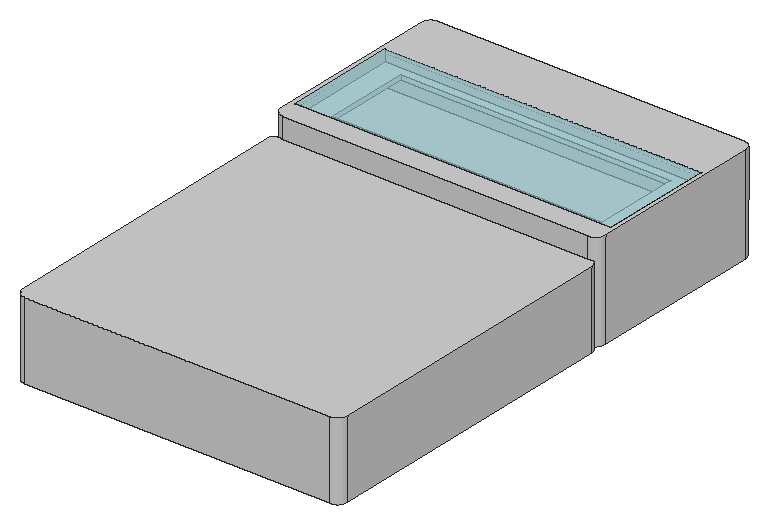
Revit family "Building-IEC309Boards-GEWISS-68QDIN-DISTRIBUTION-BOARD-14MOD_BLANK_DOUBLE", category Apparecchi elettrici, host Superficie, Revit 2019
Family settings
  Host = Superficie
  Mantenere orientamento annotazione = Sì
  Quota connettore circolare = Usa diametro
  Tipo di parte = Normale
  Taglio con vuoti quando caricato = No
  Condiviso = No
  Punto di calcolo locali = Sì
Parameters (values of type "GW68007N - Q-DIN 14M.BLIND COV. 510X320X135 IP65")
  visibilita posizionamento 2d [instance] = yes
  simbolo 2d [instance] = yes
  oggetto in pianta [instance] = not(visibilita posizionamento 2d)  # no
  distanza_simbolo [instance] = 0.1 mm
  bordo acceso [instance] = yes
  Visibilità sportello [instance] = yes
  Version type = "Empty"
  Version file RFA = "21.5"
  VETRO = Vetro
  URL = "https://www.gewiss.com/ww/en"
  Thermo-pressure with ball = "70 °C"
  Technical sheet = "https://www.gewiss.com/ww/en/search?q=GW68007N"
  Spostamento_effettivo_S [instance] = 4000 mm - Spostamento_S  # 3000 mm
  Spostamento_S = 1000 mm
  Simbolo_quadro [instance] = not(simbolo 2d)  # no
  Shock resistance = "IK09"
  STRUTTURA ALTA = Poche
  STRUTTURA = RAL - 7035
  SEO = "Board"
  Realized by GEWISS S.p.A. = ""
  Default Elevation = 1219.2 mm
  Produttore = "GEWISS S.p.A."
  PRESA = rosso
  POMELLO = bianco
  Operating temperature: = "-25 +40 °C"
  No. of provided blank lids = "-"
  No. of modules EN 50022 = "14"
  N_Moduli = 14 mm
  Modello = "GW68007N"
  L_Moduli = N_Moduli * 19  # 266 mm
  Insulation class = "II"
  Installation type = "Surface-mounting"
  Immagine tipo = GW68007N.jpg
  IP degree = "IP65"
  IDT = "5858c0d8-961a-4254-a97b-2dfffa1f665c"
  IDF = "dbb83824-73e0-496e-9ba5-1c5fa3188cb8"
  Houseable socket = "Blank lid"
  Glow Wire Test = "650°C"
  Electrocod = "2242"
  EAN code = "8011564744783"
  Dispersible power B (W) = "64"
  Dispersible power A (W) = "24"
  Descrizione = "Q-DIN 14M.BLIND COV. 510X320X135 IP65"
  Colour = "Grey RAL 7035"
  Catalogue Range = "68 QDIN"
  Catalogue = "BUILDING"
  COBie.Tagnumber = ""
  COBie.CreatedOn = ""
  COBie.CreatebBy = ""
  COBie.ComponentRegisterItemID = ""
  COBie.Component.TagNumber = ""
  COBie.Component.Space = ""
  COBie.Component.SerialNumber = ""
  COBie.Component.InstallationDate = ""
  COBie.Component.Description = ""
  COBie.Component.BarCode = ""
  Accordance with Standards = "EN 60208 - EN 60670-1 - IEC 60670-24"
Reference planes
  plane 1 "Centro (Fronte/Retro)": y = 0
  plane 2: z = 0
  plane 3 "Centro (Sinistra/Destra)": x = 0
  plane 4: x = -3000
  plane 5: x = 0
Lines and regions (mm)
  Masking region 1, visible <- "visibilita posizionamento 2d"
    outline origin (0, 0, 0) x (1, 0, 0) y (0, 0, 1)
      loop
        line (-160, 0) -> (160, 0) -> (160, 96) -> (-160, 96) -> (-160, 0)
Dimensions and locks
  plane 4 to plane 3 "Centro (Sinistra/Destra)" = 3000 mm
  "Spostamento_effettivo_S": plane 4 to plane 5
  aligned and locked: plane 2 to host face
  aligned and locked: level to host face
  aligned and locked: nested 1 to plane 5
  aligned and locked: nested 3 to plane 5
  aligned and locked: nested 2 to plane 5
  aligned and locked: plane 1 "Centro (Fronte/Retro)" to nested 2
  aligned and locked: plane 3 "Centro (Sinistra/Destra)" to nested 2
Automatic sketch dimensions
  host sketch curve to host sketch curve = 2438.4 mm  (x2)
  Masking region 1 sketch curve to level = 0 mm
  Masking region 1 sketch curve to plane 3 "Centro (Sinistra/Destra)" = 160 mm
  plane 3 "Centro (Sinistra/Destra)" to Masking region 1 sketch curve = 160 mm
  Masking region 1 sketch curve to Masking region 1 sketch curve = 96 mm
Nested families
  nested 1: "CENTRALINO" at (0, 737.795, 0), BORDO ACCESO <- "bordo acceso", SIMBOLO ACCESO <- "simbolo 2d", Distanza dal muro <- "distanza_simbolo", visible <- "simbolo 2d", type "CENTRALINO"
    with SIMBOLO ACCESO yes, Distanza dal muro 0.1 mm, BORDO ACCESO yes
  nested 2: "base___68QDIN14 QUADRO DISTRIBUZ VUOTO ALTO" at (0, 318, 0), Visibilita sportello <- "Visibilità sportello", type "base___68QDIN14 QUADRO DISTRIBUZ VUOTO ALTO", detail levels medium+fine
  nested 3: "simb_CENTRALINO_BASE_cad pro" at (0, 737.795, 0), Distanza dal muro <- "distanza_simbolo", visible <- "Simbolo_quadro", SIMBOLO ACCESO <- "Simbolo_quadro", type "simb_CENTRALINO_BASE_cad pro"
    with SIMBOLO ACCESO no, Distanza dal muro 0.1 mm, BORDO ACCESO yes
Definition of nested family "base___68QDIN14 QUADRO DISTRIBUZ VUOTO ALTO"
  Parameters (values of type "base___68QDIN14 QUADRO DISTRIBUZ VUOTO ALTO")
    n_moduli = 145 mm
    h_moduli = 94 mm
    Visibilita sportello [instance] = yes
    Vetro = none
    Struttura = none
    Spessore = 96 mm
    Default Elevation = 14 mm
    Presa = none
    Larghezza = 320 mm
    IFC.TypeObject = ""
    IFC.ExportType = ""
    IFC.ExportAs = ""
    H_da terra = 589.057 mm
    COBie.CreatedOn = ""
    COBie.CreatebBy = ""
    COBie.ComponentRegisterItemID = ""
    COBie.Component.TagNumber = ""
    COBie.Component.Space = ""
    COBie.Component.SerialNumber = ""
    COBie.Component.InstallationDate = ""
    COBie.Component.Description = ""
    COBie.Component.BarCode = ""
    Altezza scatole = 350 mm
    Altezza quadro = 150 mm
    Altezza = 258 mm
  Reference planes
    plane 1 "Centro (Fronte/Retro)": y = 0
    plane 2: z = 0
    plane 3 "Centro (Sinistra/Destra)": x = 0
    plane 4: z = 62.089
    plane 5: z = 103.126
    plane 6: z = 76.196
    plane 7: x = -160
    plane 8: x = 160
    plane 9: x = -156
    plane 10: x = 156
    plane 11: y = 123.21
    plane 12: y = 21.246
    plane 13: y = 0
    plane 14: y = -318
    plane 15: y = 192
    plane 16: z = 71.196
    plane 17: y = 133
    plane 18: y = 39
    plane 19: x = -72.5
    plane 20: x = 72.5
    plane 21: z = 92.059
    plane 22: z = 96
    plane 23 "posizionamento moduli": z = 84.734
    plane 24: z = 80.558
    plane 25: y = 86
    plane 26: x = -151.65
    plane 27: x = 151.65
    plane 28: y = -131
  Forms (mm)
    Extrusion 1, solid, material <- "Struttura"
      sketch origin (0, -857.311, 0) x (1, 0, 0) y (0, 1, 0)
        loop
          arc (-150, 1049.311) -> (-157.071, 1046.382) -> (-160, 1039.311) r 10
          line (-160, 1039.311) -> (-160, 867.311)
          arc (-160, 867.311) -> (-157.071, 860.24) -> (-150, 857.311) r 10
          line (-150, 857.311) -> (150, 857.311)
          arc (150, 857.311) -> (157.071, 860.24) -> (160, 867.311) r 10
          line (160, 867.311) -> (160, 1039.311)
          arc (160, 1039.311) -> (157.071, 1046.382) -> (150, 1049.311) r 10
          line (150, 1049.311) -> (-150, 1049.311)
      from 0 to 96
    Extrusion 2, solid, material <- "Struttura"
      sketch origin (0, -857.311, 0) x (1, 0, 0) y (0, 1, 0)
        loop
          line (152.45, 857.311) -> (-156.38, 857.311)
          arc (-156.38, 857.311) -> (-158.94, 856.251) -> (-160, 853.691) r 3.62
          line (-160, 853.691) -> (-160, 549.311)
          arc (-160, 549.311) -> (-157.071, 542.24) -> (-150, 539.311) r 10
          line (-150, 539.311) -> (150, 539.311)
          arc (150, 539.311) -> (157.071, 542.24) -> (160, 549.311) r 10
          line (160, 549.311) -> (160, 849.76)
          arc (160, 849.76) -> (157.789, 855.099) -> (152.45, 857.311) r 7.55
      from 0 to 76.196
    Extrusion 3, void
      sketch origin (0, -857.311, 0) x (1, 0, 0) y (0, 1, 0)
        loop
          line (-156, 990.311) -> (-156, 878.557) -> (156, 878.557) -> (156, 990.311) -> (-156, 990.311)
      from 62.089 to 96
    Extrusion 4, solid, material <- "Vetro", visible <- "Visibilita sportello", detail levels fine
      sketch origin (0, -857.311, 0) x (1, 0, 0) y (0, 1, 0)
        loop
          line (-156, 990.311) -> (-156, 878.557) -> (156, 878.557) -> (156, 990.311) -> (-156, 990.311)
      from 92.059 to 96
    Extrusion 5, void
      sketch origin (0, 0, 0) x (1, 0, 0) y (0, 1, 0)
        loop
          line (-72.5, 39) -> (72.5, 39) -> (72.5, 123.21) -> (-72.5, 123.21) -> (-72.5, 39)
      from 80.558 to 84.734
    Extrusion 6, solid
      sketch origin (0, 0, 0) x (1, 0, 0) y (0, 1, 0)
        loop
          line (-156, 133) -> (-156, 21.246) -> (156, 21.246) -> (156, 133) -> (-156, 133)
      from 80.558 to 84.734
  Cuts and joins
    Extrusion 3 cuts Extrusion 1
    Extrusion 5 cuts Extrusion 6
    Extrusion 5 cuts Extrusion 4
  Lines and regions (mm)
    model lines
      curve 1: line (-72.5, 86, 84.734) -> (72.5, 86, 84.734)
  Dimensions and locks
    locked: plane 4 to plane 5 at 41.036
    locked: plane 7 to plane 9 at 4
    locked: plane 10 to plane 8 at 4
    equal spacing: plane 7, plane 3 "Centro (Sinistra/Destra)", plane 8
    "Larghezza": plane 7 to plane 8
    plane 12 to plane 1 "Centro (Fronte/Retro)" = 21.246 mm
    locked: plane 6 to plane 16 at 5
    locked: plane 15 to plane 17 at 59
    "h_moduli": plane 17 to plane 18
    equal spacing: plane 19, plane 3 "Centro (Sinistra/Destra)", plane 20
    "n_moduli": plane 19 to plane 20
    locked: plane 22 to plane 21 at 3.941
    plane 6 to plane 2 = 76.196 mm
    locked: plane 21 to plane 23 "posizionamento moduli" at 7.325
    locked: plane 23 "posizionamento moduli" to plane 24 at 4.176
    equal spacing: plane 17, plane 25, plane 18
    locked: plane 7 to plane 26 at 8.35
    locked: plane 27 to plane 8 at 8.35
    plane 14 to plane 15 = 510 mm
    plane 1 "Centro (Fronte/Retro)" to plane 15 = 192 mm
    radius of Extrusion 2 sketch curve = 10 mm  (x2)
    radius of Extrusion 2 sketch curve = 3.62 mm
    radius of Extrusion 2 sketch curve = 7.55 mm
    radius of Extrusion 1 sketch curve = 10 mm  (x4)
    aligned and locked: level to plane 2
    aligned and locked: cut or joined group of Extrusion 1, Extrusion 3 to plane 4  (x2)
    aligned and locked: Extrusion 2 to plane 6
    aligned and locked: plane 7 to Extrusion 2 sketch curve
    aligned and locked: plane 8 to Extrusion 2 sketch curve
    aligned and locked: plane 8 to Extrusion 1 sketch curve
    aligned and locked: plane 7 to Extrusion 1 sketch curve
    aligned and locked: Extrusion 4 sketch curve to plane 9
    aligned and locked: Extrusion 4 sketch curve to plane 10
    aligned and locked: Extrusion 3 sketch curve to plane 9
    aligned and locked: Extrusion 3 sketch curve to plane 10
    aligned and locked: Extrusion 4 sketch curve to plane 12
    aligned and locked: Extrusion 3 sketch curve to plane 12
    aligned and locked: plane 13 to Extrusion 1 sketch curve
    aligned and locked: Extrusion 2 sketch curve to plane 13
    aligned and locked: plane 14 to Extrusion 2 sketch curve
    aligned and locked: plane 1 "Centro (Fronte/Retro)" to plane 13
    aligned and locked: plane 15 to Extrusion 1 sketch curve
    aligned and locked: Extrusion 5 sketch curve to plane 19
    aligned and locked: Extrusion 5 sketch curve to plane 18
    aligned and locked: Extrusion 5 sketch curve to plane 20
    aligned and locked: cut or joined group of Extrusion 1, Extrusion 3 to plane 22
    aligned and locked: plane 23 "posizionamento moduli" to Extrusion 5
    aligned and locked: Extrusion 5 to plane 24
    aligned and locked: Extrusion 6 sketch curve to plane 12
    aligned and locked: Extrusion 6 to plane 24
    aligned and locked: plane 23 "posizionamento moduli" to Extrusion 6
    aligned and locked: Extrusion 6 sketch curve to Extrusion 4  (x2)
    aligned and locked: plane 25 to curve 1
    aligned and locked: Extrusion 4 sketch curve to plane 17
    aligned and locked: Extrusion 5 sketch curve to plane 11
    aligned and locked: Extrusion 3 sketch curve to plane 17
    aligned and locked: Extrusion 6 sketch curve to plane 17
  Automatic sketch dimensions
    curve 1 to plane 19 = 0 mm
    curve 1 to plane 20 = 0 mm
Definition of nested family "CENTRALINO"
  Parameters (values of type "CENTRALINO")
    SIMBOLO ACCESO [instance] = yes
    Distanza dal muro [instance] = 0 mm
    BORDO ACCESO [instance] = yes
  Reference planes
    plane 1: y = 0
    plane 2: x = 0
  Dimensions and locks
    "Distanza dal muro": plane 1 to nested 1
    aligned and locked: plane 2 to nested 1
  Nested families
    nested 1: "CENTRALINO_BASE" at (0, 0, 0), BORDO ACCESO <- "BORDO ACCESO", visible <- "SIMBOLO ACCESO", type "CENTRALINO"
      with BORDO ACCESO yes
  Definition of nested family "CENTRALINO_BASE"
    Parameters (values of type "CENTRALINO")
      Distanza dal muro = 0 mm
      BORDO ACCESO [instance] = yes
    Reference planes
      plane 1: y = 0
      plane 2: x = 0
    Lines and regions (mm)
      detail lines, visible <- "BORDO ACCESO", not visible
        curve 1: line (-2.443, 10.208, 0) -> (2.057, 10.208, 0)
        curve 2: line (2.057, 10.208, 0) -> (2.057, 4.208, 0)
        curve 3: line (2.057, 4.208, 0) -> (-2.443, 4.208, 0)
        curve 4: line (-2.443, 4.208, 0) -> (-2.443, 10.208, 0)
        curve 5: line (-2.043, 9.808, 0) -> (1.657, 9.808, 0)
        curve 6: line (1.657, 9.808, 0) -> (1.657, 4.608, 0)
        curve 7: line (1.657, 4.608, 0) -> (-2.043, 4.608, 0)
        curve 8: line (-2.043, 4.608, 0) -> (-2.043, 9.808, 0)
      detail lines
        curve 9: line (0, 0.671, 0) -> (0, 0, 0)
        curve 10: line (0.659, 0.671, 0) -> (0.659, 1.33, 0)
        curve 11: line (0.659, 1.33, 0) -> (-0.659, 1.33, 0)
        curve 12: line (-0.659, 1.33, 0) -> (-0.659, 0.671, 0)
        curve 13: line (-0.659, 0.671, 0) -> (0.659, 0.671, 0)
        curve 14: line (0.497, 1.33, 0) -> (0.497, 2, 0)
        curve 15: line (0.167, 1.33, 0) -> (0.167, 2, 0)
        curve 16: line (-0.162, 1.33, 0) -> (-0.162, 2, 0)
        curve 17: line (-0.491, 1.33, 0) -> (-0.491, 2, 0)
Definition of nested family "simb_CENTRALINO_BASE_cad pro"
  Parameters (values of type "simb_CENTRALINO_BASE_cad pro")
    SIMBOLO ACCESO [instance] = yes
    Distanza dal muro [instance] = 0 mm
    BORDO ACCESO [instance] = yes
  Reference planes
    plane 1: y = 0
    plane 2: x = 0
  Dimensions and locks
    "Distanza dal muro": plane 1 to nested 1
    aligned and locked: plane 2 to nested 1
  Nested families
    nested 1: "CENTRALINO_BASE_cad pro" at (0, 0, 0), type "CENTRALINO"
  Definition of nested family "CENTRALINO_BASE_cad pro"
    Parameters (values of type "CENTRALINO")
      Distanza dal muro = 0 mm
    Reference planes
      plane 1: y = 0
      plane 2: x = 0
    Lines and regions (mm)
      detail lines
        curve 1: line (1.33, 1.33, 0) -> (2.109, 1.33, 0)
        curve 2: line (2.109, 1.33, 0) -> (2.109, 0, 0)
        curve 3: line (2.109, 0, 0) -> (1.33, 0, 0)
        curve 4: line (1.33, 0, 0) -> (-1.33, 1.33, 0)
        curve 5: line (-1.33, 1.33, 0) -> (1.33, 1.33, 0)
        curve 6: line (1.33, 1.33, 0) -> (1.33, 0, 0)
        curve 7: line (1.33, 0, 0) -> (-1.33, 0, 0)
        curve 8: line (-1.33, 0, 0) -> (-1.33, 1.33, 0)
        curve 9: line (1.461, 0.665, 0) -> (1.977, 0.665, 0)
        curve 10: line (1.719, 0.665, 0) -> (1.719, 1.01, 0)
        curve 11: arc (1.977, 0.406, 0) -> (1.719, 0.665, 0) -> (1.461, 0.406, 0) r 0.258
